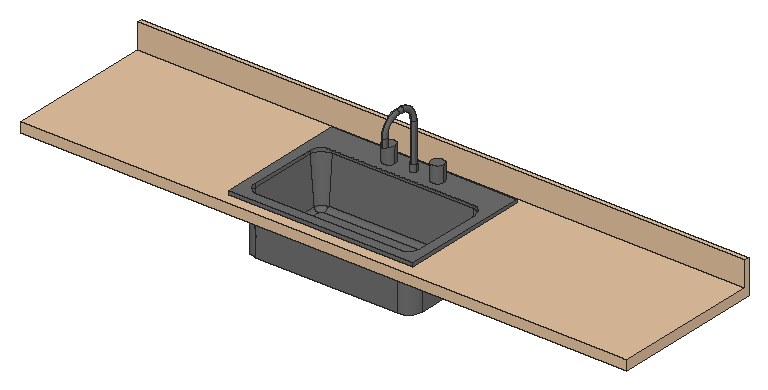
Revit family "M_Topo da bancada com pia", category Componentes de gabinete, Revit 2019
Family settings
  Número OmniClass = 23.40.35.17.47.11
  Título OmniClass = Kitchen Casework
  ID de item do Seek = Counter Top w Sink-0000-CAN-ENU
  Com base no plano de trabalho = Não
  Sempre na vertical = Sim
  Corte com vazios quando carregada = Não
  Compartilhado = Sim
  Ponto de cálculo do ambiente = Não
Parameters (values of type "Profundidade 600 mm")
  Espessura da bancada = 40 mm
  Material do topo da bancada = none
  Linear = 625 mm
  Altura = 900 mm
  Comprimento [instance] = 2500 mm
  Localização da pia [instance] = 1200 mm
  Localização da pia em relação a parede [instance] = 150 mm
  Profundidade de abertura da pia [instance] = 390 mm
  Largura da abertura da pia [instance] = 675 mm
Reference planes
  plane 1 "Parte posterior": y = 0
  plane 2: z = 0
  plane 3 "Esquerda": x = -1200.462
  plane 4 "Direita": x = 1299.538
  plane 5 "Parte frontal": y = -625
  plane 6 "Superior": z = 900
  plane 7 "Topo do armário": z = 860
  plane 8: y = -19.05
  plane 9: z = 1001.6
  plane 10: x = -0.462
  plane 11: y = -150
  plane 12: x = 337.038
  plane 13: y = -540
  plane 14: x = -337.962
  plane 15: y = -137.3
  plane 16: x = 349.738
  plane 17: y = -552.7
  plane 18: x = -350.662
  plane 19: y = -345
Forms (mm)
  Extrusion 1, solid, material <- "Material do topo da bancada"
    sketch origin (0, 0, 0) x (1, 0, 0) y (0, 1, 0)
      loop
        line (-1200.462, 0) -> (-1200.462, -625) -> (1299.538, -625) -> (1299.538, 0) -> (-1200.462, 0)
    from 860 to 900
  Extrusion 2, solid, material <- "Material do topo da bancada"
    sketch origin (0, 0, 0) x (1, 0, 0) y (0, 1, 0)
      loop
        line (1299.538, 0) -> (-1200.462, 0) -> (-1200.462, -19.05) -> (1299.538, -19.05) -> (1299.538, 0)
    from 900 to 1001.6
  Extrusion 3, void
    sketch origin (0, 0, 0) x (1, 0, 0) y (0, 1, 0)
      loop
        arc (-299.862, -137.3) -> (-335.783, -152.179) -> (-350.662, -188.1) r 50.8
        line (-350.662, -188.1) -> (-350.662, -501.9)
        arc (-350.662, -501.9) -> (-335.783, -537.821) -> (-299.862, -552.7) r 50.8
        line (-299.862, -552.7) -> (298.938, -552.7)
        arc (298.938, -552.7) -> (334.859, -537.821) -> (349.738, -501.9) r 50.8
        line (349.738, -501.9) -> (349.738, -188.1)
        arc (349.738, -188.1) -> (334.859, -152.179) -> (298.938, -137.3) r 50.8
        line (298.938, -137.3) -> (-299.862, -137.3)
    from 860 to 900
Cuts and joins
  Extrusion 3 cuts Extrusion 1
  Extrusion 3 cuts Extrusion 2
  joined: Extrusion 1, Extrusion 2
Lines and regions (mm)
  Masking region 1
    outline origin (0, 0, 860) x (0, -1, 0) y (1, 0, 0)
      loop
        line (0, -1200.462) -> (625, -1200.462) -> (625, 1299.538) -> (0, 1299.538) -> (0, -1200.462)
  symbolic lines, style "Topo da bancada"
    curve 1: line (-1200.462, -19.05, 860) -> (1299.538, -19.05, 860)
  symbolic lines, style "Abertura da pia"
    curve 2: line (-287.162, -150, 860) -> (286.238, -150, 860)
    curve 3: line (-337.962, -489.2, 860) -> (-337.962, -200.8, 860)
    curve 4: line (286.238, -540, 860) -> (-287.162, -540, 860)
    curve 5: line (337.038, -200.8, 860) -> (337.038, -489.2, 860)
    curve 6: arc (-337.962, -200.8, 860) -> (-323.083, -164.879, 860) -> (-287.162, -150, 860) r 50.8
    curve 7: arc (286.238, -150, 860) -> (322.159, -164.879, 860) -> (337.038, -200.8, 860) r 50.8
    curve 8: arc (337.038, -489.2, 860) -> (322.159, -525.121, 860) -> (286.238, -540, 860) r 50.8
    curve 9: arc (-287.162, -540, 860) -> (-323.083, -525.121, 860) -> (-337.962, -489.2, 860) r 50.8
Dimensions and locks
  "Linear": plane 5 "Parte frontal" to plane 1 "Parte posterior"
  "Comprimento": plane 3 "Esquerda" to plane 4 "Direita"
  "Altura": level to plane 6 "Superior"
  "Espessura da bancada": plane 7 "Topo do armário" to plane 6 "Superior"
  locked: plane 8 to plane 1 "Parte posterior" at 19.05
  plane 6 "Superior" to plane 9 = 101.6 mm
  "Largura da abertura da pia": plane 14 to plane 12
  "Profundidade de abertura da pia": plane 13 to plane 11
  "Localização da pia": plane 3 "Esquerda" to plane 10
  equal spacing: plane 14, plane 10, plane 12
  "Localização da pia em relação a parede": plane 11 to plane 1 "Parte posterior"
  locked: plane 11 to plane 15 at 12.7
  locked: plane 17 to plane 13 at 12.7
  locked: plane 18 to plane 14 at 12.7
  locked: plane 12 to plane 16 at 12.7
  equal spacing: plane 13, plane 19, plane 11
  aligned and locked: plane 1 "Parte posterior" to Extrusion 1 sketch curve
  aligned and locked: plane 4 "Direita" to Extrusion 1 sketch curve
  aligned and locked: Extrusion 1 sketch curve to plane 5 "Parte frontal"
  aligned and locked: Extrusion 1 sketch curve to plane 3 "Esquerda"
  aligned and locked: Extrusion 1 to plane 6 "Superior"
  aligned and locked: plane 7 "Topo do armário" to Extrusion 1
  aligned and locked: Extrusion 2 sketch curve to plane 1 "Parte posterior"
  aligned and locked: plane 8 to Extrusion 2 sketch curve
  aligned and locked: Extrusion 2 sketch curve to plane 4 "Direita"
  aligned and locked: plane 3 "Esquerda" to Extrusion 2 sketch curve
  aligned and locked: Extrusion 2 to plane 9
  aligned and locked: plane 6 "Superior" to Extrusion 2
  aligned and locked: Extrusion 3 to plane 6 "Superior"
  aligned and locked: Extrusion 1 to Extrusion 3
  aligned and locked: plane 15 to Extrusion 3 sketch curve
  aligned and locked: plane 16 to Extrusion 3 sketch curve
  aligned and locked: Extrusion 3 sketch curve to plane 17
  aligned and locked: Extrusion 3 sketch curve to plane 18
  aligned and locked: nested 1 to plane 10
  aligned and locked: plane 6 "Superior" to nested 1
  aligned and locked: plane 13 to nested 1
  aligned and locked: plane 4 "Direita" to Masking region 1 sketch curve
  aligned and locked: plane 1 "Parte posterior" to Masking region 1 sketch curve
  aligned and locked: Masking region 1 sketch curve to plane 3 "Esquerda"
  aligned and locked: Masking region 1 sketch curve to plane 5 "Parte frontal"
Automatic sketch dimensions
  Extrusion 3 sketch curve to plane 14 = 38.1 mm  (x2)
  plane 11 to Extrusion 3 sketch curve = 38.1 mm
  plane 12 to Extrusion 3 sketch curve = 38.1 mm
  curve 1 to plane 4 "Direita" = 0 mm
  curve 1 to plane 8 = 0 mm
  curve 1 to plane 3 "Esquerda" = 0 mm
  curve 7 to plane 11 = 0 mm
  curve 3 to plane 14 = 0 mm
  curve 7 to plane 12 = 0 mm
  curve 4 to plane 13 = 0 mm
  plane 11 to curve 7 = 50.8 mm
  curve 6 to curve 6 = 50.8 mm
  curve 5 to plane 13 = 50.8 mm
  curve 9 to plane 13 = 50.8 mm
Nested families
  nested 1: "M_Pia da cozinha-Simples" at (-16.152, -312.945, 0), type "760 x 535mm"
    with Altura do balcão 900 mm, Linear 535 mm, Largura 760 mm
Definition of nested family "M_Pia da cozinha-Simples"
  Parameters
    Altura do balcão [instance] = 900 mm
    Linear = 600 mm
    Material hidráulico = none
    Material da pia = none
    Largura = 900 mm
  Reference planes
    plane 1 "Centro (Frente/Trás)": y = 2.345
    plane 2: z = 0
    plane 3 "Centro (Esquerda/Direita)": x = 15.689
    plane 4: y = 302.345
    plane 5: y = -297.655
    plane 6: x = -434.311
    plane 7: x = 465.689
    plane 8 "Topo do balcão": z = 900
    plane 9: z = 912.7
    plane 10: z = 684.1
    plane 11: y = 188.045
    plane 12: x = -396.211
    plane 13: y = -259.555
    plane 14: x = 427.589
    plane 15: x = -84.311
    plane 16: x = 115.689
    plane 17: y = 245.195
    plane 18: y = 245.195
    plane 19: y = 245.195
    plane 20: z = 1163.525
    plane 21: y = 95.97
    plane 22: z = 976.2
    plane 23: z = 938.1
  Forms (mm)
    Extrusion 1, solid, material <- "Material da pia"
      sketch origin (0, 0, 0) x (1, 0, 0) y (0, 1, 0)
        loop
          line (-434.311, 302.345) -> (-434.311, -297.655) -> (465.689, -297.655) -> (465.689, 302.345) -> (-434.311, 302.345)
        loop
          arc (-345.411, 188.045) -> (-381.332, 173.166) -> (-396.211, 137.245) r 50.8
          line (-396.211, 137.245) -> (-396.211, -208.755)
          arc (-396.211, -208.755) -> (-381.332, -244.676) -> (-345.411, -259.555) r 50.8
          line (-345.411, -259.555) -> (376.789, -259.555)
          arc (376.789, -259.555) -> (412.71, -244.676) -> (427.589, -208.755) r 50.8
          line (427.589, -208.755) -> (427.589, 137.245)
          arc (427.589, 137.245) -> (412.71, 173.166) -> (376.789, 188.045) r 50.8
          line (376.789, 188.045) -> (-345.411, 188.045)
      from 900 to 912.7
    Sweep 2, solid, material <- "Material da pia"
      path origin (0, 0, 0) x (1, 0, 0) y (0, 1, 0)
        loop
          arc (-345.411, 188.045) -> (-381.332, 173.166) -> (-396.211, 137.245) r 50.8
          line (-396.211, 137.245) -> (-396.211, -208.755)
          arc (-396.211, -208.755) -> (-381.332, -244.676) -> (-345.411, -259.555) r 50.8
          line (-345.411, -259.555) -> (376.789, -259.555)
          arc (376.789, -259.555) -> (412.71, -244.676) -> (427.589, -208.755) r 50.8
          line (427.589, -208.755) -> (427.589, 137.245)
          arc (427.589, 137.245) -> (412.71, 173.166) -> (376.789, 188.045) r 50.8
          line (376.789, 188.045) -> (-345.411, 188.045)
      profile origin (15.689, 0, 0) x (0, 1, 0) y (0, 0, 1)
        loop
          line (188.045, 900) -> (171.511, 711.015)
          arc (171.511, 711.015) -> (165.404, 698.63) -> (152.534, 693.625) r 19.05
          line (152.534, 693.625) -> (149.945, 693.625) -> (149.945, 684.1) -> (194.395, 684.1) -> (194.395, 900) -> (188.045, 900)
    Extrusion 3, solid, material <- "Material da pia"
      sketch origin (0, 0, 0) x (1, 0, 0) y (0, 1, 0)
        loop
          arc (-345.411, 149.945) -> (-354.391, 146.226) -> (-358.111, 137.245) r 12.7
          line (-358.111, 137.245) -> (-358.111, -208.755)
          arc (-358.111, -208.755) -> (-354.391, -217.735) -> (-345.411, -221.455) r 12.7
          line (-345.411, -221.455) -> (376.789, -221.455)
          arc (376.789, -221.455) -> (385.769, -217.735) -> (389.489, -208.755) r 12.7
          line (389.489, -208.755) -> (389.489, 137.245)
          arc (389.489, 137.245) -> (385.769, 146.226) -> (376.789, 149.945) r 12.7
          line (376.789, 149.945) -> (-345.411, 149.945)
        loop
          circle (15.689, 0) r 25.4
      from 684.1 to 693.625
    Extrusion 4, solid, material <- "Material hidráulico"
      sketch origin (0, 0, 0) x (1, 0, 0) y (0, 1, 0)
        loop
          circle (-84.311, 245.195) r 25.4
        loop
          circle (115.689, 245.195) r 25.4
      from 912.7 to 976.2
    Sweep 5, solid, material <- "Material hidráulico"
      path origin (15.689, 0, 0) x (0, 1, 0) y (0, 0, 1)
        loop
          line (245.195, 912.7) -> (245.195, 1100.025)
          arc (245.195, 1100.025) -> (226.597, 1144.926) -> (181.695, 1163.525) r 63.5
          line (181.695, 1163.525) -> (159.47, 1163.525)
          arc (159.47, 1163.525) -> (114.569, 1144.926) -> (95.97, 1100.025) r 63.5
          line (95.97, 1100.025) -> (95.97, 1065.1)
      profile origin (15.689, 0, 1006.363) x (0, -1, 0) y (1, 0, 0)
        loop
          circle (-245.195, 0) r 9.525
    Extrusion 6, solid, material <- "Material hidráulico"
      sketch origin (0, 0, 0) x (1, 0, 0) y (0, 1, 0)
        loop
          circle (15.689, 245.195) r 12.7
      from 912.7 to 938.1
  Cuts and joins
    joined: Sweep 5, Extrusion 6
    joined: Sweep 2, Extrusion 3
  Lines and regions (mm)
    Masking region 1
      outline origin (0, 0, 900) x (0, -1, 0) y (1, 0, 0)
        loop
          line (-302.345, -434.311) -> (297.655, -434.311) -> (297.655, 465.689) -> (-302.345, 465.689) -> (-302.345, -434.311)
    symbolic lines
      curve 1: arc (41.089, 0, 900) -> (15.689, 25.4, 900) -> (-9.711, 0, 900) r 25.4
      curve 2: arc (-9.711, 0, 900) -> (15.689, -25.4, 900) -> (41.089, 0, 900) r 25.4
      curve 3: line (-396.211, 137.245, 900) -> (-396.211, -208.755, 900)
      curve 4: line (-345.411, -259.555, 900) -> (376.789, -259.555, 900)
      curve 5: line (427.589, -208.755, 900) -> (427.589, 137.245, 900)
      curve 6: line (376.789, 188.045, 900) -> (28.389, 188.045, 900)
      curve 7: arc (427.589, 137.245, 900) -> (412.71, 173.166, 900) -> (376.789, 188.045, 900) r 50.8
      curve 8: arc (376.789, -259.555, 900) -> (412.71, -244.676, 900) -> (427.589, -208.755, 900) r 50.8
      curve 9: arc (-396.211, -208.755, 900) -> (-381.332, -244.676, 900) -> (-345.411, -259.555, 900) r 50.8
      curve 10: arc (-345.411, 188.045, 900) -> (-381.332, 173.166, 900) -> (-396.211, 137.245, 900) r 50.8
      curve 11: arc (28.389, 245.195, 900) -> (15.689, 257.895, 900) -> (2.989, 245.195, 900) r 12.7
      curve 12: line (2.989, 245.195, 900) -> (2.989, 53.145, 900)
      curve 13: line (28.389, 245.195, 900) -> (28.389, 53.145, 900)
      curve 14: arc (28.389, 53.145, 900) -> (15.689, 40.445, 900) -> (2.989, 53.145, 900) r 12.7
      curve 15: line (2.989, 188.045, 900) -> (-345.411, 188.045, 900)
      curve 16: arc (-58.911, 245.195, 900) -> (-84.311, 270.595, 900) -> (-109.711, 245.195, 900) r 25.4
      curve 17: arc (-109.711, 245.195, 900) -> (-84.311, 219.795, 900) -> (-58.911, 245.195, 900) r 25.4
      curve 18: arc (90.289, 245.195, 900) -> (115.689, 219.795, 900) -> (141.089, 245.195, 900) r 25.4
      curve 19: arc (141.089, 245.195, 900) -> (115.689, 270.595, 900) -> (90.289, 245.195, 900) r 25.4
  Dimensions and locks
    equal spacing: plane 6, plane 3 "Centro (Esquerda/Direita)", plane 7
    "Largura": plane 6 to plane 7
    equal spacing: plane 5, plane 1 "Centro (Frente/Trás)", plane 4
    "Linear": plane 5 to plane 4
    "Altura do balcão": plane 8 "Topo do balcão" to plane 2
    locked: plane 9 to plane 8 "Topo do balcão" at 12.7
    locked: plane 8 "Topo do balcão" to plane 10 at 215.9
    locked: plane 6 to plane 12 at 38.1
    locked: plane 14 to plane 7 at 38.1
    locked: plane 11 to plane 4 at 114.3
    locked: plane 5 to plane 13 at 38.1
    equal spacing: plane 11, plane 17, plane 4
    equal spacing: plane 11, plane 18, plane 4
    equal spacing: plane 4, plane 19, plane 11
    locked: plane 19 to plane 21 at 149.225
    locked: plane 20 to plane 9 at 250.825
    locked: plane 22 to plane 9 at 63.5
    locked: plane 23 to plane 9 at 25.4
    locked: plane 15 to plane 3 "Centro (Esquerda/Direita)" at 100
    locked: plane 3 "Centro (Esquerda/Direita)" to plane 16 at 100
    aligned and locked: Extrusion 1 sketch curve to plane 5
    aligned and locked: plane 7 to Extrusion 1 sketch curve
    aligned and locked: plane 4 to Extrusion 1 sketch curve
    aligned and locked: Extrusion 1 sketch curve to plane 6
    aligned and locked: plane 8 "Topo do balcão" to Extrusion 1
    aligned and locked: Extrusion 1 to plane 9
    aligned and locked: plane 11 to Extrusion 1 sketch curve
    aligned and locked: plane 14 to Extrusion 1 sketch curve
    aligned and locked: Extrusion 1 sketch curve to plane 12
    aligned and locked: Extrusion 1 sketch curve to plane 13
    aligned and locked: plane 11 to Sweep 2 sketch curve
    aligned and locked: plane 14 to Sweep 2 sketch curve
    aligned and locked: Sweep 2 sketch curve to plane 12
    aligned and locked: Sweep 2 sketch curve to plane 13
    aligned and locked: Sweep 2 to Extrusion 3 sketch curve  (x4)
    aligned and locked: Sweep 2 to Extrusion 3
    aligned and locked: plane 10 to Extrusion 3
    aligned and locked: Sweep 2 sketch curve to plane 10
    aligned and locked: plane 8 "Topo do balcão" to Sweep 2 sketch curve
    aligned and locked: Extrusion 4 to Extrusion 1
    aligned and locked: Extrusion 6 to Extrusion 1
    aligned and locked: Sweep 5 sketch curve to plane 19
    aligned and locked: plane 20 to Sweep 5 sketch curve
    aligned and locked: plane 21 to Sweep 5 sketch curve
    aligned and locked: Extrusion 4 to plane 22
    aligned and locked: Extrusion 6 to plane 23
    aligned and locked: plane 7 to Masking region 1 sketch curve
    aligned and locked: plane 4 to Masking region 1 sketch curve
    aligned and locked: Masking region 1 sketch curve to plane 6
    aligned and locked: Masking region 1 sketch curve to plane 5
    aligned and locked: plane 15 to Extrusion 4 sketch curve
    aligned and locked: plane 17 to Extrusion 4 sketch curve  (x2)
    aligned and locked: plane 16 to Extrusion 4 sketch curve
    aligned and locked: curve 16 to Extrusion 4
    aligned and locked: curve 18 to Extrusion 4
    aligned: curve 19 to Extrusion 4
  Automatic sketch dimensions
    Sweep 2 sketch curve to plane 12 = 50.8 mm
    Sweep 2 sketch curve to Sweep 2 sketch curve = 50.8 mm
    plane 11 to Sweep 2 sketch curve = 50.8 mm
    plane 14 to Sweep 2 sketch curve = 50.8 mm
    Extrusion 1 sketch curve to plane 12 = 50.8 mm  (x2)
    plane 14 to Extrusion 1 sketch curve = 50.8 mm  (x2)
    Extrusion 3 sketch curve to plane 3 "Centro (Esquerda/Direita)" = 0 mm
    Extrusion 3 sketch curve to Extrusion 3 sketch curve = 12.7 mm  (x4)
    plane 1 "Centro (Frente/Trás)" to Extrusion 3 sketch curve = 2.345 mm
    Extrusion 3 sketch curve to plane 3 "Centro (Esquerda/Direita)" = 25.4 mm
    Sweep 2 sketch curve to profile plane = 0 mm
    profile plane to Sweep 2 sketch curve = 16.534 mm
    Sweep 2 sketch curve to Sweep 2 sketch curve = 18.978 mm
    Sweep 2 sketch curve to Sweep 2 sketch curve = 2.588 mm
    Sweep 2 sketch curve to profile plane = 6.35 mm
    Sweep 2 sketch curve to Sweep 2 sketch curve = 9.525 mm
    Sweep 2 sketch curve to Sweep 2 sketch curve = 17.39 mm
    plane 15 to Extrusion 4 sketch curve = 25.4 mm
    plane 16 to Extrusion 4 sketch curve = 25.4 mm
    Sweep 5 sketch curve to plane 3 "Centro (Esquerda/Direita)" = 0 mm
    Sweep 5 sketch curve to profile plane = 0 mm
    profile plane to Sweep 5 sketch curve = 9.525 mm
    Extrusion 6 sketch curve to plane 18 = 0 mm
    Extrusion 6 sketch curve to plane 3 "Centro (Esquerda/Direita)" = 0 mm
    Extrusion 6 sketch curve to plane 3 "Centro (Esquerda/Direita)" = 12.7 mm
    Sweep 5 sketch curve to plane 9 = 0 mm
    Sweep 5 sketch curve to Sweep 5 sketch curve = 63.5 mm
    plane 11 to Sweep 5 sketch curve = 6.35 mm
    Sweep 5 sketch curve to Sweep 5 sketch curve = 34.925 mm
    curve 15 to plane 11 = 0 mm
    curve 6 to plane 11 = 0 mm
    curve 5 to plane 14 = 0 mm
    curve 3 to plane 12 = 0 mm
    curve 14 to plane 3 "Centro (Esquerda/Direita)" = 0 mm
    curve 2 to plane 3 "Centro (Esquerda/Direita)" = 0 mm
    curve 9 to plane 13 = 0 mm
    plane 4 to curve 11 = 57.15 mm
    plane 11 to curve 7 = 50.8 mm
    plane 11 to curve 10 = 50.8 mm
    curve 13 to plane 1 "Centro (Frente/Trás)" = 50.8 mm
    plane 1 "Centro (Frente/Trás)" to curve 1 = 2.345 mm
    curve 3 to plane 13 = 50.8 mm
    curve 8 to plane 13 = 50.8 mm
    curve 2 to plane 3 "Centro (Esquerda/Direita)" = 25.4 mm
    curve 15 to plane 3 "Centro (Esquerda/Direita)" = 12.7 mm
